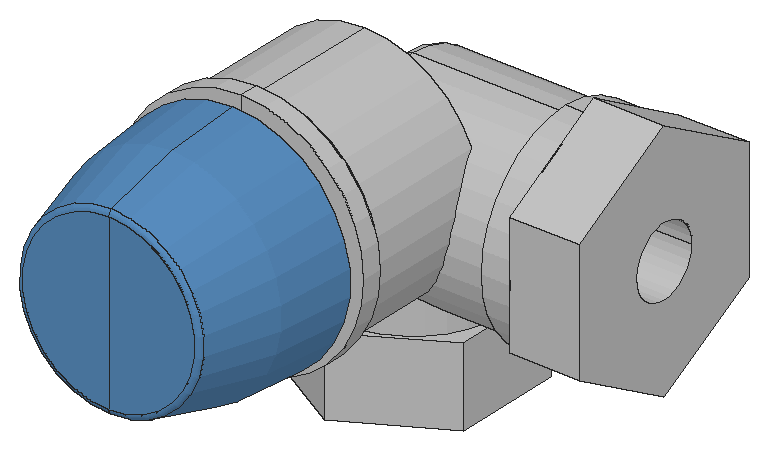
Revit family "Resideo_ThermostaticRadiatorValve_V2100Lsss", category Pipe Accessories, Revit 2020
Family settings
  Round Connector Dimension = Use Radius
  Part Type = Valve - Breaks Into
  OmniClass Number = 23.65.55.00
  OmniClass Title = Distribution of Supplied Liquids/Gases
  Work Plane-Based = No
  Always vertical = Yes
  Cut with Voids When Loaded = No
  Shared = No
Parameters (values of type "V2100LPI10-1/2")
  pH-Range = "8 ... 9.5"
  b = 7.00 mm
  a = 15.00 mm
  _ObjectUserGuide = "https://www.bimstore.co/products/thermostatic-radiator-valve-v2100l/document/object-user-guide"
  _DistributedBy = "https://www.bimstore.co/"
  _CurrentRevision = 1
  _CreatedBy = "https://www.bimstore.co/"
  _BimSpecGuid = 0
  _BSBibleVersion = 16
  _AuthorizedBy = "bimstore"
  _Author = "AM"
  WarrantyStartDate [instance] = "Please record on commissioning"
  WarrantyGuarantorParts = "www.resideo.com/gb/en/contact-us/"
  WarrantyGuarantorLabor = "www.resideo.com/gb/en/contact-us/"
  WarrantyDurationUnit = "Year"
  WarrantyDurationParts = "0"
  WarrantyDurationLabor = "0"
  WarrantyDescription = "n/a"
  ValveType = "V2100L"
  ValveSeries = "V2100, Kombi-TRV"
  TypeName = "V2100LPI10-1/2"
  StrokeStandard = "2.5 mm"
  SpareParts = "n/a"
  Size = "70mm (L) x 48mm (H) x 54mm (D)"
  Shape = "n/a"
  SerialNumber [instance] = "Please record on commissioning"
  SecondaryMaterial = Resideo - Plastic - Blue
  ReplacementCost = "n/a"
  ReferencedStandard = "n/a"
  RadiatorConnection = "R 3/8\""
  ProductionYear = "2023"
  PrimaryMaterial = Resideo - Brass - Nickel Plated
  PreSetting = "Yes"
  PipeConnection = "Rp 3/8\""
  NominalPressure = "PN10"
  NominalLength = 70.00 mm
  NominalHeight = 48.00 mm
  NominalFlow = "120 kg/h"
  NominalDepth = 54.00 mm
  NBSReference = "90-10-90/364"
  NBSOfficeMasterTag = "n/a"
  NBSObjectName = "Resideo - Thermostatic radiator valves"
  NBSNote = "n/a"
  NBSDescription = "Thermostatic radiator valves"
  ModelReference = "KOMBI-TRV, DN10, LEFT CORNER, RP1/2\""
  ModelNumber = "V2100LPI10-1/2"
  MinimumFlow = 0.17 L/min
  MediumType = "Water or water-glycol mixture according to VDI 2035"
  MediaTemperatureRange = "2 ... 90 °C"
  MaximumOperatingPressure = 10.0 bar
  MaximumFlow = 2.67 L/min
  MaximumAmbientRelativeHumidity = "75 % (non condensing)"
  Material = "Brass"
  ManufacturerName = "Resideo"
  InstallationDate [instance] = "Please record on commissioning"
  IfcExportType = "IfcValveTypeEnum.ISOLATING"
  IfcExportAs = "IfcValve"
  Grade = "n/a"
  Force = "90 Nm"
  FlowController = "Yes"
  Finish = "n/a"
  Features = "n/a"
  ExpectedLife = 0
  DurationUnit = "Year"
  DocumentationTechnical = "https://www.bimstore.co/products/thermostatic-radiator-valve-v2100l/document/technical-data-sheet"
  DocumentationMaintenance = "https://www.bimstore.co/products/thermostatic-radiator-valve-v2100l/document/maintenance-information"
  DocumentationLiterature = "https://www.bimstore.co/products/thermostatic-radiator-valve-v2100l/document/product-literature"
  DocumentationInstallationGuide = "https://www.bimstore.co/products/thermostatic-radiator-valve-v2100l/document/installation-guide"
  DocumentationCertificates = "https://www.bimstore.co/products/thermostatic-radiator-valve-v2100l/document/product-certificates"
  DifferentialPressure = "0.1 … 0.6 bar"
  Default Elevation = 0.00 mm
  CreatedOn = "2023-09-15 T:09:00:00"
  CreatedBy = "www.resideo.com/gb/en/contact-us/"
  Constituents = "n/a"
  ConnectionType = "M30x1.5"
  ConnectionSize = 10.00 mm
  ConnectionRadius = ConnectionSize / 2  # 5.00 mm
  Color = "n/a"
  CodePerformance = "n/a"
  ClosingDimension = "11.5 mm"
  ClassificationValue = "Pr_65_54_95_89"
  ClassificationName = "Uniclass 2015"
  BarCode [instance] = "Please record on commissioning"
  BIMObjectName = "Resideo_ThermostaticRadiatorValve_V2100L"
  AssetType = "Fixed"
  AssetIdentifier [instance] = "Please record on commissioning"
  URL = "www.resideo.com"
  Type Comments = "KOMBI-TRV, DN10, LEFT CORNER, RP1/2\""
  Model = "V2100LPI10-1/2"
  Manufacturer = "Resideo"
  Loss Method = K Coefficient
  Keynote = "S"
  K Coefficient = 0
  Description = "KOMBI-TRV, DN10, LEFT CORNER, RP1/2\""
  Cost = 0
  Assembly Code = "D20"
  AmbientTemperature = "0 ... 40 °C"
  AccessibilityPerformance = "n/a"
Types (2, lengths in mm): name | b | a | TypeName | RadiatorConnection | PipeConnection | ModelReference | ModelNumber | ConnectionSize | ConnectionRadius | Type Comments | Model | Description
  V2100LPI10-1/2 | 7.00 | 15.00 | "V2100LPI10-1/2" | "R 3/8\"" | "Rp 3/8\"" | "KOMBI-TRV, DN10, LEFT CORNER, RP1/2\"" | "V2100LPI10-1/2" | 10.00 | 5.00 | "KOMBI-TRV, DN10, LEFT CORNER, RP1/2\"" | "V2100LPI10-1/2" | "KOMBI-TRV, DN10, LEFT CORNER, RP1/2\""
  V2100LPI15 | 10.00 | 20.00 | "V2100LPI15" | "R 1/2\"" | "Rp 1/2\"" | "KOMBI-TRV, DN15, LEFT CORNER, RP1/2\"" | "V2100LPI15" | 15.00 | 7.50 | "KOMBI-TRV, DN15, LEFT CORNER, RP1/2\"" | "V2100LPI15" | "KOMBI-TRV, DN15, LEFT CORNER, RP1/2\""
Reference planes
  plane 1 "Center (Front/Back)": y = 0
  plane 2: z = 0
  plane 3 "Center (Left/Right)": x = 0
Forms (mm)
  Revolve 1, solid, material "Resideo - Plastic - Blue" <- "SecondaryMaterial", detail levels medium+fine
    sketch origin (0, 0, 0) x (0, 1, 0) y (0, 0, 1)
      loop
        line (-32.075, 4.5) -> (-32.075, 21.255)
        arc (-32.075, 21.255) -> (-42.957, 20.366) -> (-53.517, 17.593) r 62.407
        arc (-53.517, 17.593) -> (-53.922, 17.286) -> (-54.075, 16.801) r 0.842
        line (-54.075, 16.801) -> (-54.075, 4.5) -> (-32.075, 4.5)
      axis (-32.075, 4.5) -> (-54.075, 4.5)
    angle from 0 to 360
  Revolve 2, solid, material "Resideo - Brass - Nickel Plated" <- "PrimaryMaterial", detail levels medium+fine
    sketch origin (0, 0, 0) x (0, 1, 0) y (0, 0, 1)
      loop
        line (-32.075, 4.5) -> (0.012, 4.5) -> (0.012, 6.761) -> (-8.541, 20.996) -> (-26.697, 20.996) -> (-27.701, 22) -> (-30.5, 22) -> (-30.5, 19.5) -> (-32.075, 19.5) -> (-32.075, 4.5)
      axis (-32.075, 4.5) -> (0.012, 4.5)
    angle from 0 to 360
  Extrusion 3, solid, material "Resideo - Brass - Nickel Plated" <- "PrimaryMaterial", detail levels medium+fine
    sketch origin (0, 0, 0) x (1, 0, 0) y (0, 1, 0)
      loop
        line (-13.5, 7.794) -> (-13.5, -7.794) -> (0, -15.588) -> (13.5, -7.794) -> (13.5, 7.794) -> (0, 15.588) -> (-13.5, 7.794)
      loop
        circle (0, 0) r 5
    from -14.835 to -26
  Extrusion 4, solid, material "Resideo - Brass - Nickel Plated" <- "PrimaryMaterial", detail levels medium+fine
    sketch origin (0, 0, 0) x (0, 1, 0) y (0, 0, 1)
      loop
        line (15, 8.66) -> (0, 17.321) -> (-15, 8.66) -> (-15, -8.66) -> (0, -17.321) -> (15, -8.66) -> (15, 8.66)
      loop
        circle (0, 0) r 5
    from 25.85 to 35.85
  Revolve 5, solid, material "Resideo - Brass - Nickel Plated" <- "PrimaryMaterial", detail levels medium+fine
    sketch origin (0, 0, 0) x (1, 0, 0) y (0, 0, 1)
      loop
        line (21.85, 15) -> (21.85, 14) -> (0, 14)
        arc (0, 14) -> (-1.061, 13.561) -> (-1.5, 12.5) r 1.5
        line (-1.5, 12.5) -> (-1.5, 0) -> (25.85, 0) -> (25.85, 15) -> (21.85, 15)
      axis (-1.5, 0) -> (25.85, 0)
    angle from 0 to 360
  Revolve 6, solid, material "Resideo - Brass - Nickel Plated" <- "PrimaryMaterial", detail levels medium+fine
    sketch origin (0, 0, 0) x (1, 0, 0) y (0, 0, 1)
      loop
        line (0, -14.835) -> (0, 11.9)
        arc (0, 11.9) -> (-6.647, 9.147) -> (-9.4, 2.5) r 9.4
        line (-9.4, 2.5) -> (-9.4, -5.9)
        arc (-9.4, -5.9) -> (-10.015, -7.385) -> (-11.5, -8) r 2.1
        arc (-11.5, -8) -> (-12.561, -8.439) -> (-13, -9.5) r 1.5
        line (-13, -9.5) -> (-13, -14.835) -> (0, -14.835)
      axis (0, 11.9) -> (0, -14.835)
    angle from 0 to 360
Lines and regions (mm)
  model lines, detail levels coarse
    curve 1: line (-5, 0, -10) -> (5, 0, -10)
    curve 2: line (10, 0, 5) -> (10, 0, -5)
    curve 3: line (-5, 0, -10) -> (0, 0, 0)
    curve 4: line (0, 0, 0) -> (10, 0, 5)
    curve 5: line (5, 0, -10) -> (0, 0, 0)
    curve 6: line (10, 0, -5) -> (0, 0, 0)
    curve 7: line (0, 0, -10) -> (0, 0, -21)
    curve 8: line (10, 0, 0) -> (30.85, 0, 0)
    curve 9: line (-5, -15, 0) -> (5, -15, 0)
    curve 10: line (-5, -15, 0) -> (-5, -8, 0)
    curve 11: line (5, -15, 0) -> (5, -8, 0)
    curve 12: line (0, 0, 0) -> (0, -15, 0)
Dimensions and locks
  equal spacing: curve 1, plane 3 "Center (Left/Right)", curve 1
  equal spacing: curve 2, level, curve 2
  "ConnectionSize": curve 1 to curve 1
  "ConnectionSize": curve 2 to curve 2
  "ConnectionSize": level to curve 1
  "ConnectionSize": curve 2 to plane 3 "Center (Left/Right)"
  equal spacing: curve 9, plane 3 "Center (Left/Right)", curve 9
  "ConnectionSize": curve 9 to curve 9
  "a": curve 9 to plane 1 "Center (Front/Back)"
  "b": curve 9 to curve 10
  "b": curve 9 to curve 11
  "ConnectionRadius": radius of Extrusion 4 sketch curve
  "ConnectionRadius": radius of Extrusion 3 sketch curve
  aligned and locked: level to plane 2
  aligned and locked: level to Extrusion 4 sketch curve
  aligned and locked: plane 1 "Center (Front/Back)" to Extrusion 4 sketch curve
  aligned and locked: plane 1 "Center (Front/Back)" to Extrusion 3 sketch curve
  aligned and locked: plane 3 "Center (Left/Right)" to Extrusion 3 sketch curve
  aligned and locked: plane 1 "Center (Front/Back)" to curve 12
  aligned and locked: curve 9 to curve 12
  aligned and locked: curve 12 to plane 3 "Center (Left/Right)"
Automatic sketch dimensions
  plane 1 "Center (Front/Back)" to Revolve 1 sketch curve = 54.075 mm
  Revolve 1 sketch curve to Revolve 1 sketch curve = 0.842 mm
  plane 1 "Center (Front/Back)" to Revolve 1 sketch curve = 32.453 mm
  Revolve 1 sketch curve to Revolve 1 sketch curve = 21.158 mm
  Revolve 1 sketch curve to level = 41.151 mm
  Revolve 1 sketch curve to Revolve 1 sketch curve = 16.755 mm
  Revolve 1 sketch curve to Revolve 1 sketch curve = 0.00 mm  (x2)
  Revolve 1 sketch curve to Revolve 1 sketch curve = 10.00 mm
  plane 1 "Center (Front/Back)" to Revolve 2 sketch curve = 32.075 mm
  Revolve 2 sketch curve to Revolve 2 sketch curve = 1.575 mm
  Revolve 2 sketch curve to Revolve 2 sketch curve = 2.799 mm
  Revolve 2 sketch curve to Revolve 2 sketch curve = 1.004 mm  (x2)
  plane 1 "Center (Front/Back)" to Revolve 2 sketch curve = 8.541 mm
  Revolve 2 sketch curve to plane 1 "Center (Front/Back)" = 0.012 mm
  Revolve 2 sketch curve to Revolve 2 sketch curve = 0.00 mm  (x2)
  Revolve 2 sketch curve to Revolve 2 sketch curve = 10.00 mm
  Revolve 5 sketch curve to level = 0.00 mm  (x2)
  Revolve 5 sketch curve to plane 3 "Center (Left/Right)" = 0.00 mm
  Revolve 5 sketch curve to plane 3 "Center (Left/Right)" = 1.50 mm
  Revolve 5 sketch curve to Revolve 5 sketch curve = 21.85 mm
  Revolve 5 sketch curve to Revolve 5 sketch curve = 4.00 mm
  Revolve 5 sketch curve to Revolve 5 sketch curve = 1.00 mm
  Revolve 5 sketch curve to Revolve 5 sketch curve = 0.00 mm
  Revolve 5 sketch curve to Revolve 5 sketch curve = 31.665 mm
  Revolve 6 sketch curve to plane 3 "Center (Left/Right)" = 0.00 mm  (x2)
  Revolve 6 sketch curve to Revolve 6 sketch curve = 9.40 mm
  Revolve 6 sketch curve to Revolve 6 sketch curve = 2.10 mm
  Revolve 6 sketch curve to Revolve 6 sketch curve = 1.50 mm  (x2)
  Revolve 6 sketch curve to level = 5.90 mm
  Revolve 6 sketch curve to Revolve 6 sketch curve = 5.335 mm
  Revolve 6 sketch curve to Revolve 6 sketch curve = 0.00 mm
  Revolve 6 sketch curve to Revolve 6 sketch curve = 5.582 mm
  level to Revolve 1 sketch curve = 4.50 mm
  Revolve 1 sketch curve to Revolve 1 sketch curve = 12.301 mm
  level to Revolve 2 sketch curve = 4.50 mm
  Revolve 2 sketch curve to Revolve 2 sketch curve = 2.261 mm
  Revolve 2 sketch curve to Revolve 2 sketch curve = 15.00 mm
  Revolve 2 sketch curve to Revolve 2 sketch curve = 14.235 mm
  level to Revolve 5 sketch curve = 12.50 mm
  level to Revolve 6 sketch curve = 2.50 mm
  Extrusion 3 sketch curve to plane 3 "Center (Left/Right)" = 0.00 mm  (x2)
  Extrusion 3 sketch curve to plane 3 "Center (Left/Right)" = 13.50 mm
  plane 3 "Center (Left/Right)" to Extrusion 3 sketch curve = 13.50 mm
  plane 1 "Center (Front/Back)" to Extrusion 3 sketch curve = 7.794 mm  (x2)
  Extrusion 3 sketch curve to Extrusion 3 sketch curve = 7.794 mm  (x2)
  Extrusion 3 sketch curve to plane 1 "Center (Front/Back)" = 7.794 mm  (x2)
  Extrusion 4 sketch curve to plane 1 "Center (Front/Back)" = 0.00 mm  (x2)
  plane 1 "Center (Front/Back)" to Extrusion 4 sketch curve = 15.00 mm
  Extrusion 4 sketch curve to plane 1 "Center (Front/Back)" = 15.00 mm
  Extrusion 4 sketch curve to level = 8.66 mm  (x2)
  Extrusion 4 sketch curve to Extrusion 4 sketch curve = 8.66 mm  (x2)
  level to Extrusion 4 sketch curve = 8.66 mm  (x2)
  curve 7 to plane 3 "Center (Left/Right)" = 0.00 mm
  curve 8 to level = 0.00 mm
  curve 8 to curve 8 = 20.85 mm
  curve 7 to curve 7 = 11.00 mm
Connectors
  piping at (35.85, 0, 0), diameter 10, driven by "ConnectionRadius"
    settings: on Extrusion 4, index 1, connector inside diameter 609.6 mm, connector length 0.00 mm, flow factor 0, pipe flow 0.0 L/min, pressure drop 0.0 bar, fitting loss kfactor 0, connector angle 0.00°, fixture units 0, engagement length 0.00 mm, angle of deflection 0.00°, flow configuration 0, flow direction 2, fitting loss method 0, system type 29, joint type 0, gender type 0, connector reference index 2, connector utility 0, adjustable connector no, is connector primary yes, connector description ""
  piping at (0, 0, -26), diameter 10, driven by "ConnectionRadius"
    settings: on Extrusion 3, index 2, connector inside diameter 609.6 mm, connector length 0.00 mm, flow factor 0, pipe flow 0.0 L/min, pressure drop 0.0 bar, fitting loss kfactor 0, connector angle 0.00°, fixture units 0, engagement length 0.00 mm, angle of deflection 0.00°, flow configuration 0, flow direction 1, fitting loss method 0, system type 29, joint type 0, gender type 0, connector reference index 1, connector utility 0, adjustable connector no, is connector primary no, connector description ""
